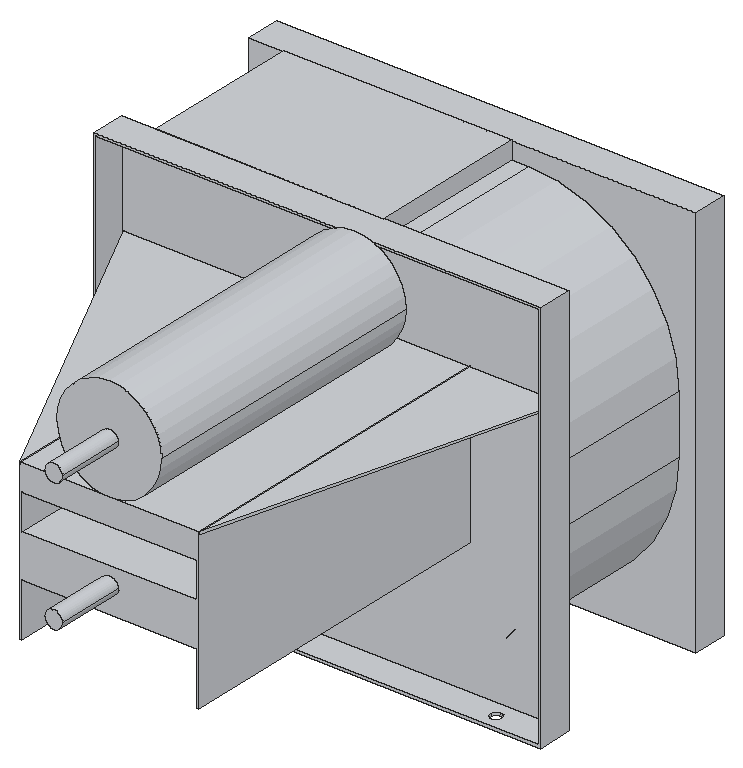
Revit family "CA-4_SWSI_ARR_2_CW_UBD", category Mechanical Equipment, Revit 2019
Family settings
  Round Connector Dimension = Use Radius
  Part Type = Normal
  Work Plane-Based = No
  Always vertical = Yes
  Cut with Voids When Loaded = No
  Shared = No
  Room Calculation Point = No
Parameters (values of type "120_CA-4_SWSI_ARR_2_CW_UBD_CLASS_1")
  S = 7 1/2"
  R = 11 7/16"
  P = 5 23/32"
  O/2 = O / 2  # 11/32"
  O = 11/16"
  N/2 = N / 2  # 1/2"
  N = 1"
  ModelID [instance] = ""
  MOTOR_RAD = N * 3  # 3"
  M = 18 7/8"
  L = 3"
  K = 15 7/8"
  J = 2"
  INLET_RAD/2 = INLET_RAD / 2  # 4 1/16"
  INLET_RAD+1.5" = INLET_RAD + 1 1/2"  # 9 5/8"
  INLET_RAD = INLET_DIA / 2  # 8 1/8"
  INLET_DIA = 16 1/4"
  H = 10 3/8"
  EEE = E  # 10 3/4"
  G/5 = F / 5  # 5.15"
  F = 25 3/4"
  G = 22 3/4"
  Unit Weight [instance] = ""
  Sones [instance] = ""
  Motor RPM [instance] = ""
  Motor Enclosure [instance] = ""
  LwA [instance] = ""
  Fan RPM [instance] = ""
  E = 10 3/4"
  E-(INLET_RAD+1.5") = 3/4"
  E+(INLET_RAD+1.5") = 20"
  G-H = G - H  # 12 3/8"
  D-((D-B)/2) = D - ((D - B) / 2)  # 11 3/16"
  D = 13 3/16"
  B = 9 3/16"
  Accessories [instance] = ""
  ARR_2_L-ARR_2_K = ARR_2_L - ARR_2_K  # 17 5/8"
  ARR_2_L = 21 5/8"
  ARR_2_K = 4"
  A = 13 1/8"
  3" = 3"  # constant formula
  Brake Hp [instance] = ""
  4" = 4"  # constant formula
  2N = N + N  # 2"
  2' = 24"
  2" = 2"  # constant formula
  1" = 1"  # constant formula
  0 = 0"  # constant formula
  Voltage [instance] = 0 V
  URL = "www.lorencook.com"
  Type Comments = "Airfoil Centrifugal Blower Arrangement 2 Clockwise Up Blast Discharge"  # constant formula
  Static Pressure [instance] = 0.00 in-wg
  Power [instance] = Voltage * Motor FLA * sqrt(if(Phase = 3, 3, 1))  # 0 VA
  Phase [instance] = 0
  Number of Poles [instance] = 1
  Motor Hp [instance] = "0"
  Motor FLA [instance] = 0 A
  Model = "CA-4 SWSI ARR 2 CW UBD CLASS 1"
  Manufacturer = "Loren Cook Company"
  CFM [instance] = 0 CFM
  1.5 = 1 1/2"  # constant formula
  ONE EIGTH = 1/8"  # constant formula
  -(ARR_2_L - ARR_2_K) = -(ARR_2_L - ARR_2_K)  # -17 5/8"
  -(((K-B)/2)-.125") = -(((K - B) / 2) - 1/8")  # -3 7/32"
  -(((D - B) / 2) - 1/8") = -(((D - B) / 2) - 1/8")  # -1 7/8"
  (R-B)/2 = (R - B) / 2  # 1 1/8"
  ((K-B)/2)+B = ((K - B) / 2) + B  # 12 17/32"
  (D-B)/2 = (D - B) / 2  # 2"
  -(((K-B)/2)+L) = -(((K - B) / 2) + L)  # -6 11/32"
  ((D-B)/2)-.125" = ((D - B) / 2) - 1/8"  # 1 7/8"
Types (55): name | S | R | P | O/2 | O | N/2 | N | MOTOR_RAD | M | L | K | J | INLET_RAD/2 | INLET_RAD+1.5" | INLET_RAD | INLET_DIA | H | EEE | G/5 | F | G | E | E-(INLET_RAD+1.5") | E+(INLET_RAD+1.5") | G-H | D-((D-B)/2) | D | B | ARR_2_L-ARR_2_K | ARR_2_L | ARR_2_K | A | 2N | Model | -(ARR_2_L - ARR_2_K) | -(((K-B)/2)-.125") | -(((D - B) / 2) - 1/8") | (R-B)/2 | ((K-B)/2)+B | (D-B)/2 | -(((K-B)/2)+L) | ((D-B)/2)-.125"
  (no name) | 7 1/2" | 11 7/16" | 5 23/32" | 11/32" | 11/16" | 1/2" | 1" | 3" | 18 7/8" | 3" | 15 7/8" | 2" | 4 1/16" | 9 5/8" | 8 1/8" | 16 1/4" | 10 3/8" | 10 3/4" | 5.15" | 25 3/4" | 22 3/4" | 10 3/4" | 3/4" | 20" | 12 3/8" | 11 3/16" | 13 3/16" | 9 3/16" | 17 5/8" | 21 5/8" | 4" | 13 1/8" | 2" | "CA-4 SWSI ARR 2 CW UBD CLASS 1" | -17 5/8" | -3 7/32" | -1 7/8" | 1 1/8" | 12 17/32" | 2" | -6 11/32" | 1 7/8"
  120_CA-4_SWSI_ARR_2_CW_UBD_CLASS_1 | 7 1/2" | 11 7/16" | 5 23/32" | 11/32" | 11/16" | 1/2" | 1" | 3" | 18 7/8" | 3" | 15 7/8" | 2" | 4 1/16" | 9 5/8" | 8 1/8" | 16 1/4" | 10 3/8" | 10 3/4" | 5.15" | 25 3/4" | 22 3/4" | 10 3/4" | 3/4" | 20" | 12 3/8" | 11 3/16" | 13 3/16" | 9 3/16" | 17 5/8" | 21 5/8" | 4" | 13 1/8" | 2" | "CA-4 SWSI ARR 2 CW UBD CLASS 1" | -17 5/8" | -3 7/32" | -1 7/8" | 1 1/8" | 12 17/32" | 2" | -6 11/32" | 1 7/8"
  120_CA-4_SWSI_ARR_2_CW_UBD_CLASS_2 | 7 1/2" | 11 7/16" | 5 23/32" | 11/32" | 11/16" | 1/2" | 1" | 3" | 18 7/8" | 3" | 15 7/8" | 2" | 4 1/16" | 9 5/8" | 8 1/8" | 16 1/4" | 10 3/8" | 10 3/4" | 5.15" | 25 3/4" | 22 3/4" | 10 3/4" | 3/4" | 20" | 12 3/8" | 11 3/16" | 13 3/16" | 9 3/16" | 17 5/8" | 21 5/8" | 4" | 13 1/8" | 2" | "CA-4 SWSI ARR 2 CW UBD CLASS 2" | -17 5/8" | -3 7/32" | -1 7/8" | 1 1/8" | 12 17/32" | 2" | -6 11/32" | 1 7/8"
  120_CA-4_SWSI_ARR_2_CW_UBD_CLASS_3 | 7 1/2" | 11 7/16" | 5 23/32" | 11/32" | 11/16" | 19/32" | 1 3/16" | 3 9/16" | 18 7/8" | 3" | 15 7/8" | 2" | 4 1/16" | 9 5/8" | 8 1/8" | 16 1/4" | 10 3/8" | 10 3/4" | 5.15" | 25 3/4" | 22 3/4" | 10 3/4" | 3/4" | 20" | 12 3/8" | 11 3/16" | 13 3/16" | 9 3/16" | 17 5/8" | 21 5/8" | 4" | 13 1/8" | 2 3/8" | "CA-4 SWSI ARR 2 CW UBD CLASS 3" | -17 5/8" | -3 7/32" | -1 7/8" | 1 1/8" | 12 17/32" | 2" | -6 11/32" | 1 7/8"
  135_CA-4_SWSI_ARR_2_CW_UBD_CLASS_1 | 8 1/2" | 12 9/16" | 6 9/32" | 11/32" | 11/16" | 1/2" | 1" | 3" | 20" | 3" | 17" | 2" | 4 7/16" | 10 3/8" | 8 7/8" | 17 3/4" | 11 5/8" | 12" | 5 3/4" | 28 3/4" | 25 1/2" | 12" | 1 1/4" | 22" | 13 7/8" | 12 5/16" | 14 5/16" | 10 5/16" | 17 5/8" | 21 5/8" | 4" | 14 3/4" | 2" | "CA-4 SWSI ARR 2 CW UBD CLASS 1" | -17 5/8" | -3 7/32" | -1 7/8" | 1 1/8" | 13 21/32" | 2" | -6 11/32" | 1 7/8"
  135_CA-4_SWSI_ARR_2_CW_UBD_CLASS_2 | 8 1/2" | 12 9/16" | 6 9/32" | 11/32" | 11/16" | 1/2" | 1" | 3" | 20" | 3" | 17" | 2" | 4 7/16" | 10 3/8" | 8 7/8" | 17 3/4" | 11 5/8" | 12" | 5 3/4" | 28 3/4" | 25 1/2" | 12" | 1 1/4" | 22" | 13 7/8" | 12 5/16" | 14 5/16" | 10 5/16" | 17 5/8" | 21 5/8" | 4" | 14 3/4" | 2" | "CA-4 SWSI ARR 2 CW UBD CLASS 2" | -17 5/8" | -3 7/32" | -1 7/8" | 1 1/8" | 13 21/32" | 2" | -6 11/32" | 1 7/8"
  135_CA-4_SWSI_ARR_2_CW_UBD_CLASS_3 | 8 1/2" | 12 9/16" | 6 9/32" | 11/32" | 11/16" | 19/32" | 1 3/16" | 3 9/16" | 20" | 3" | 17" | 2" | 4 7/16" | 10 3/8" | 8 7/8" | 17 3/4" | 11 5/8" | 12" | 5 3/4" | 28 3/4" | 25 1/2" | 12" | 1 1/4" | 22" | 13 7/8" | 12 5/16" | 14 5/16" | 10 5/16" | 17 5/8" | 21 5/8" | 4" | 14 3/4" | 2 3/8" | "CA-4 SWSI ARR 2 CW UBD CLASS 3" | -17 5/8" | -3 7/32" | -1 7/8" | 1 1/8" | 13 21/32" | 2" | -6 11/32" | 1 7/8"
  150_CA-4_SWSI_ARR_2_CW_UBD_CLASS_1 | 9" | 13 11/16" | 6 27/32" | 11/32" | 11/16" | 1/2" | 1" | 3" | 21 1/8" | 3" | 18 1/8" | 2" | 4 13/16" | 11 1/8" | 9 5/8" | 19 1/4" | 12 7/8" | 13 1/4" | 6.325" | 31 5/8" | 28 1/8" | 13 1/4" | 1 3/4" | 24" | 15 1/4" | 13 7/16" | 15 7/16" | 11 7/16" | 17 5/8" | 21 5/8" | 4" | 16 7/16" | 2" | "CA-4 SWSI ARR 2 CW UBD CLASS 1" | -17 5/8" | -3 7/32" | -1 7/8" | 1 1/8" | 14 25/32" | 2" | -6 11/32" | 1 7/8"
  150_CA-4_SWSI_ARR_2_CW_UBD_CLASS_2 | 9" | 13 11/16" | 6 27/32" | 11/32" | 11/16" | 19/32" | 1 3/16" | 3 9/16" | 21 1/8" | 3" | 18 1/8" | 2" | 4 13/16" | 11 1/8" | 9 5/8" | 19 1/4" | 12 7/8" | 13 1/4" | 6.325" | 31 5/8" | 28 1/8" | 13 1/4" | 1 3/4" | 24" | 15 1/4" | 13 7/16" | 15 7/16" | 11 7/16" | 17 5/8" | 21 5/8" | 4" | 16 7/16" | 2 3/8" | "CA-4 SWSI ARR 2 CW UBD CLASS 2" | -17 5/8" | -3 7/32" | -1 7/8" | 1 1/8" | 14 25/32" | 2" | -6 11/32" | 1 7/8"
  150_CA-4_SWSI_ARR_2_CW_UBD_CLASS_3 | 9" | 13 11/16" | 6 27/32" | 11/32" | 11/16" | 23/32" | 1 7/16" | 4 5/16" | 21 1/8" | 3" | 18 1/8" | 2" | 4 13/16" | 11 1/8" | 9 5/8" | 19 1/4" | 12 7/8" | 13 1/4" | 6.325" | 31 5/8" | 28 1/8" | 13 1/4" | 1 3/4" | 24" | 15 1/4" | 13 7/16" | 15 7/16" | 11 7/16" | 17 5/8" | 21 5/8" | 4" | 16 7/16" | 2 7/8" | "CA-4 SWSI ARR 2 CW UBD CLASS 3" | -17 5/8" | -3 7/32" | -1 7/8" | 1 1/8" | 14 25/32" | 2" | -6 11/32" | 1 7/8"
  165_CA-4_SWSI_ARR_2_CW_UBD_CLASS_1 | 10" | 14 7/8" | 7 7/16" | 11/32" | 11/16" | 1/2" | 1" | 3" | 23 15/16" | 4" | 19 5/16" | 2" | 5 5/16" | 12 1/8" | 10 5/8" | 21 1/4" | 14 1/4" | 14 3/8" | 6 7/8" | 34 3/8" | 30 7/8" | 14 3/8" | 2 1/8" | 26 3/8" | 16 5/8" | 14 5/8" | 16 5/8" | 12 5/8" | 17 5/8" | 21 5/8" | 4" | 18 1/16" | 2" | "CA-4 SWSI ARR 2 CW UBD CLASS 1" | -17 5/8" | -3 7/32" | -1 7/8" | 1 1/8" | 15 31/32" | 2" | -7 11/32" | 1 7/8"
  165_CA-4_SWSI_ARR_2_CW_UBD_CLASS_2 | 10" | 14 7/8" | 7 7/16" | 11/32" | 11/16" | 19/32" | 1 3/16" | 3 9/16" | 23 15/16" | 4" | 19 5/16" | 2" | 5 5/16" | 12 1/8" | 10 5/8" | 21 1/4" | 14 1/4" | 14 3/8" | 6 7/8" | 34 3/8" | 30 7/8" | 14 3/8" | 2 1/8" | 26 3/8" | 16 5/8" | 14 5/8" | 16 5/8" | 12 5/8" | 17 5/8" | 21 5/8" | 4" | 18 1/16" | 2 3/8" | "CA-4 SWSI ARR 2 CW UBD CLASS 2" | -17 5/8" | -3 7/32" | -1 7/8" | 1 1/8" | 15 31/32" | 2" | -7 11/32" | 1 7/8"
  165_CA-4_SWSI_ARR_2_CW_UBD_CLASS_3 | 10" | 14 7/8" | 7 7/16" | 11/32" | 11/16" | 23/32" | 1 7/16" | 4 5/16" | 23 15/16" | 4" | 19 5/16" | 2" | 5 5/16" | 12 1/8" | 10 5/8" | 21 1/4" | 14 1/4" | 14 3/8" | 6 7/8" | 34 3/8" | 30 7/8" | 14 3/8" | 2 1/8" | 26 3/8" | 16 5/8" | 14 5/8" | 16 5/8" | 12 5/8" | 17 5/8" | 21 5/8" | 4" | 18 1/16" | 2 7/8" | "CA-4 SWSI ARR 2 CW UBD CLASS 3" | -17 5/8" | -3 7/32" | -1 7/8" | 1 1/8" | 15 31/32" | 2" | -7 11/32" | 1 7/8"
  180_CA-4_SWSI_ARR_2_CW_UBD_CLASS_1 | 11" | 16" | 8" | 11/32" | 11/16" | 19/32" | 1 3/16" | 3 9/16" | 24 15/16" | 4 1/2" | 20 7/16" | 2" | 5 11/16" | 12 7/8" | 11 3/8" | 22 3/4" | 15 1/2" | 15 5/8" | 7.425" | 37 1/8" | 33 5/8" | 15 5/8" | 2 5/8" | 28 3/8" | 18 1/8" | 15 3/4" | 17 3/4" | 13 3/4" | 20 1/8" | 24 3/8" | 4 1/4" | 19 11/16" | 2 3/8" | "CA-4 SWSI ARR 2 CW UBD CLASS 1" | -20 1/8" | -3 7/32" | -1 7/8" | 1 1/8" | 17 3/32" | 2" | -7 27/32" | 1 7/8"
  180_CA-4_SWSI_ARR_2_CW_UBD_CLASS_2 | 11" | 16" | 8" | 11/32" | 11/16" | 23/32" | 1 7/16" | 4 5/16" | 24 15/16" | 4 1/2" | 20 7/16" | 2" | 5 11/16" | 12 7/8" | 11 3/8" | 22 3/4" | 15 1/2" | 15 5/8" | 7.425" | 37 1/8" | 33 5/8" | 15 5/8" | 2 5/8" | 28 3/8" | 18 1/8" | 15 3/4" | 17 3/4" | 13 3/4" | 20 1/8" | 24 3/8" | 4 1/4" | 19 11/16" | 2 7/8" | "CA-4 SWSI ARR 2 CW UBD CLASS 2" | -20 1/8" | -3 7/32" | -1 7/8" | 1 1/8" | 17 3/32" | 2" | -7 27/32" | 1 7/8"
  180_CA-4_SWSI_ARR_2_CW_UBD_CLASS_3 | 11" | 16" | 8" | 11/32" | 11/16" | 27/32" | 1 11/16" | 5 1/16" | 24 15/16" | 4 1/2" | 20 7/16" | 2" | 5 11/16" | 12 7/8" | 11 3/8" | 22 3/4" | 15 1/2" | 15 5/8" | 7.425" | 37 1/8" | 33 5/8" | 15 5/8" | 2 5/8" | 28 3/8" | 18 1/8" | 15 3/4" | 17 3/4" | 13 3/4" | 20 1/8" | 24 3/8" | 4 1/4" | 19 11/16" | 3 3/8" | "CA-4 SWSI ARR 2 CW UBD CLASS 3" | -20 1/8" | -3 7/32" | -1 7/8" | 1 1/8" | 17 3/32" | 2" | -7 27/32" | 1 7/8"
  195_CA-4_SWSI_ARR_2_CW_UBD_CLASS_1 | 11 1/2" | 17 3/16" | 8 19/32" | 11/32" | 11/16" | 23/32" | 1 7/16" | 4 5/16" | 27 3/16" | 4 1/2" | 22 11/16" | 2" | 6 1/16" | 13 5/8" | 12 1/8" | 24 1/4" | 16 3/4" | 16 3/4" | 8" | 40" | 36 1/4" | 16 3/4" | 3 1/8" | 30 3/8" | 19 1/2" | 16 15/16" | 18 15/16" | 14 15/16" | 20 1/8" | 24 3/8" | 4 1/4" | 21 5/16" | 2 7/8" | "CA-4 SWSI ARR 2 CW UBD CLASS 1" | -20 1/8" | -3 3/4" | -1 7/8" | 1 1/8" | 18 13/16" | 2" | -8 3/8" | 1 7/8"
  195_CA-4_SWSI_ARR_2_CW_UBD_CLASS_2 | 11 1/2" | 17 3/16" | 8 19/32" | 11/32" | 11/16" | 23/32" | 1 7/16" | 4 5/16" | 27 3/16" | 4 1/2" | 22 11/16" | 2" | 6 1/16" | 13 5/8" | 12 1/8" | 24 1/4" | 16 3/4" | 16 3/4" | 8" | 40" | 36 1/4" | 16 3/4" | 3 1/8" | 30 3/8" | 19 1/2" | 16 15/16" | 18 15/16" | 14 15/16" | 20 1/8" | 24 3/8" | 4 1/4" | 21 5/16" | 2 7/8" | "CA-4 SWSI ARR 2 CW UBD CLASS 2" | -20 1/8" | -3 3/4" | -1 7/8" | 1 1/8" | 18 13/16" | 2" | -8 3/8" | 1 7/8"
  195_CA-4_SWSI_ARR_2_CW_UBD_CLASS_3 | 11 1/2" | 17 3/16" | 8 19/32" | 11/32" | 11/16" | 27/32" | 1 11/16" | 5 1/16" | 27 3/16" | 4 1/2" | 22 11/16" | 2" | 6 1/16" | 13 5/8" | 12 1/8" | 24 1/4" | 16 3/4" | 16 3/4" | 8" | 40" | 36 1/4" | 16 3/4" | 3 1/8" | 30 3/8" | 19 1/2" | 16 15/16" | 18 15/16" | 14 15/16" | 20 1/8" | 24 3/8" | 4 1/4" | 21 5/16" | 3 3/8" | "CA-4 SWSI ARR 2 CW UBD CLASS 3" | -20 1/8" | -3 3/4" | -1 7/8" | 1 1/8" | 18 13/16" | 2" | -8 3/8" | 1 7/8"
  210_CA-4_SWSI_ARR_2_CW_UBD_CLASS_1 | 12" | 18 5/16" | 9 5/32" | 13/32" | 13/16" | 23/32" | 1 7/16" | 4 5/16" | 28 13/16" | 5" | 23 13/16" | 2" | 6 1/2" | 14 1/2" | 13" | 26" | 18 1/8" | 18" | 8.575" | 42 7/8" | 39 1/8" | 18" | 3 5/8" | 32 5/8" | 21" | 18 1/16" | 20 1/16" | 16 1/16" | 23 1/8" | 27 3/8" | 4 1/4" | 23" | 2 7/8" | "CA-4 SWSI ARR 2 CW UBD CLASS 1" | -23 1/8" | -3 3/4" | -1 7/8" | 1 1/8" | 19 15/16" | 2" | -8 7/8" | 1 7/8"
  210_CA-4_SWSI_ARR_2_CW_UBD_CLASS_2 | 12" | 18 5/16" | 9 5/32" | 13/32" | 13/16" | 23/32" | 1 7/16" | 4 5/16" | 28 13/16" | 5" | 23 13/16" | 2" | 6 1/2" | 14 1/2" | 13" | 26" | 18 1/8" | 18" | 8.575" | 42 7/8" | 39 1/8" | 18" | 3 5/8" | 32 5/8" | 21" | 18 1/16" | 20 1/16" | 16 1/16" | 23 1/8" | 27 3/8" | 4 1/4" | 23" | 2 7/8" | "CA-4 SWSI ARR 2 CW UBD CLASS 2" | -23 1/8" | -3 3/4" | -1 7/8" | 1 1/8" | 19 15/16" | 2" | -8 7/8" | 1 7/8"
  210_CA-4_SWSI_ARR_2_CW_UBD_CLASS_3 | 12" | 18 5/16" | 9 5/32" | 13/32" | 13/16" | 27/32" | 1 11/16" | 5 1/16" | 28 13/16" | 5" | 23 13/16" | 2" | 6 1/2" | 14 1/2" | 13" | 26" | 18 1/8" | 18" | 8.575" | 42 7/8" | 39 1/8" | 18" | 3 5/8" | 32 5/8" | 21" | 18 1/16" | 20 1/16" | 16 1/16" | 23 1/8" | 27 3/8" | 4 1/4" | 23" | 3 3/8" | "CA-4 SWSI ARR 2 CW UBD CLASS 3" | -23 1/8" | -3 3/4" | -1 7/8" | 1 1/8" | 19 15/16" | 2" | -8 7/8" | 1 7/8"
  225_CA-4_SWSI_ARR_2_CW_UBD_CLASS_1 | 12 1/2" | 19 7/16" | 9 23/32" | 13/32" | 13/16" | 23/32" | 1 7/16" | 4 5/16" | 29 15/16" | 5" | 24 15/16" | 2" | 6 7/8" | 15 1/4" | 13 3/4" | 27 1/2" | 19 3/8" | 19 1/4" | 9.15" | 45 3/4" | 41 3/4" | 19 1/4" | 4 1/8" | 34 5/8" | 22 3/8" | 19 3/16" | 21 3/16" | 17 3/16" | 23 1/8" | 27 3/8" | 4 1/4" | 24 5/8" | 2 7/8" | "CA-4 SWSI ARR 2 CW UBD CLASS 1" | -23 1/8" | -3 3/4" | -1 7/8" | 1 1/8" | 21 1/16" | 2" | -8 7/8" | 1 7/8"
  225_CA-4_SWSI_ARR_2_CW_UBD_CLASS_2 | 12 1/2" | 19 7/16" | 9 23/32" | 13/32" | 13/16" | 23/32" | 1 7/16" | 4 5/16" | 29 15/16" | 5" | 24 15/16" | 2" | 6 7/8" | 15 1/4" | 13 3/4" | 27 1/2" | 19 3/8" | 19 1/4" | 9.15" | 45 3/4" | 41 3/4" | 19 1/4" | 4 1/8" | 34 5/8" | 22 3/8" | 19 3/16" | 21 3/16" | 17 3/16" | 23 1/8" | 27 3/8" | 4 1/4" | 24 5/8" | 2 7/8" | "CA-4 SWSI ARR 2 CW UBD CLASS 2" | -23 1/8" | -3 3/4" | -1 7/8" | 1 1/8" | 21 1/16" | 2" | -8 7/8" | 1 7/8"
  225_CA-4_SWSI_ARR_2_CW_UBD_CLASS_3 | 12 1/2" | 19 7/16" | 9 23/32" | 13/32" | 13/16" | 27/32" | 1 11/16" | 5 1/16" | 29 15/16" | 5" | 24 15/16" | 2" | 6 7/8" | 15 1/4" | 13 3/4" | 27 1/2" | 19 3/8" | 19 1/4" | 9.15" | 45 3/4" | 41 3/4" | 19 1/4" | 4 1/8" | 34 5/8" | 22 3/8" | 19 3/16" | 21 3/16" | 17 3/16" | 23 1/8" | 27 3/8" | 4 1/4" | 24 5/8" | 3 3/8" | "CA-4 SWSI ARR 2 CW UBD CLASS 3" | -23 1/8" | -3 3/4" | -1 7/8" | 1 1/8" | 21 1/16" | 2" | -8 7/8" | 1 7/8"
  245_CA-4_SWSI_ARR_2_CW_UBD_CLASS_1 | 13 1/2" | 21" | 10 1/2" | 13/32" | 13/16" | 23/32" | 1 7/16" | 4 5/16" | 32" | 5 1/2" | 26 1/2" | 2" | 7 3/8" | 16 1/4" | 14 3/4" | 29 1/2" | 21 1/8" | 20 7/8" | 9.9" | 49 1/2" | 45 3/8" | 20 7/8" | 4 7/8" | 37 3/8" | 24 1/4" | 20 3/4" | 22 3/4" | 18 3/4" | 22 9/16" | 27 13/16" | 5 1/4" | 26 13/16" | 2 7/8" | "CA-4 SWSI ARR 2 CW UBD CLASS 1" | -22 9/16" | -3 3/4" | -1 7/8" | 1 1/8" | 22 5/8" | 2" | -9 3/8" | 1 7/8"
  245_CA-4_SWSI_ARR_2_CW_UBD_CLASS_2 | 13 1/2" | 21" | 10 1/2" | 13/32" | 13/16" | 27/32" | 1 11/16" | 5 1/16" | 32" | 5 1/2" | 26 1/2" | 2" | 7 3/8" | 16 1/4" | 14 3/4" | 29 1/2" | 21 1/8" | 20 7/8" | 9.9" | 49 1/2" | 45 3/8" | 20 7/8" | 4 7/8" | 37 3/8" | 24 1/4" | 20 3/4" | 22 3/4" | 18 3/4" | 22 9/16" | 27 13/16" | 5 1/4" | 26 13/16" | 3 3/8" | "CA-4 SWSI ARR 2 CW UBD CLASS 2" | -22 9/16" | -3 3/4" | -1 7/8" | 1 1/8" | 22 5/8" | 2" | -9 3/8" | 1 7/8"
  245_CA-4_SWSI_ARR_2_CW_UBD_CLASS_3 | 13 1/2" | 21" | 10 1/2" | 13/32" | 13/16" | 31/32" | 1 15/16" | 5 13/16" | 32" | 5 1/2" | 26 1/2" | 2" | 7 3/8" | 16 1/4" | 14 3/4" | 29 1/2" | 21 1/8" | 20 7/8" | 9.9" | 49 1/2" | 45 3/8" | 20 7/8" | 4 7/8" | 37 3/8" | 24 1/4" | 20 3/4" | 22 3/4" | 18 3/4" | 22 9/16" | 27 13/16" | 5 1/4" | 26 13/16" | 3 7/8" | "CA-4 SWSI ARR 2 CW UBD CLASS 3" | -22 9/16" | -3 3/4" | -1 7/8" | 1 1/8" | 22 5/8" | 2" | -9 3/8" | 1 7/8"
  270_CA-4_SWSI_ARR_2_CW_UBD_CLASS_1 | 15" | 22 7/8" | 11 7/16" | 13/32" | 13/16" | 23/32" | 1 7/16" | 4 5/16" | 34 3/8" | 6" | 28 3/8" | 2" | 8" | 17 1/2" | 16" | 32" | 23 1/4" | 23 3/8" | 10.95" | 54 3/4" | 49 7/8" | 23 3/8" | 5 3/4" | 40 3/4" | 26 5/8" | 22 5/8" | 24 5/8" | 20 5/8" | 22 9/16" | 27 13/16" | 5 1/4" | 29 9/16" | 2 7/8" | "CA-4 SWSI ARR 2 CW UBD CLASS 1" | -22 9/16" | -3 3/4" | -1 7/8" | 1 1/8" | 24 1/2" | 2" | -9 7/8" | 1 7/8"
  270_CA-4_SWSI_ARR_2_CW_UBD_CLASS_2 | 15" | 22 7/8" | 11 7/16" | 13/32" | 13/16" | 27/32" | 1 11/16" | 5 1/16" | 34 3/8" | 6" | 28 3/8" | 2" | 8" | 17 1/2" | 16" | 32" | 23 1/4" | 23 3/8" | 10.95" | 54 3/4" | 49 7/8" | 23 3/8" | 5 3/4" | 40 3/4" | 26 5/8" | 22 5/8" | 24 5/8" | 20 5/8" | 22 9/16" | 27 13/16" | 5 1/4" | 29 9/16" | 3 3/8" | "CA-4 SWSI ARR 2 CW UBD CLASS 2" | -22 9/16" | -3 3/4" | -1 7/8" | 1 1/8" | 24 1/2" | 2" | -9 7/8" | 1 7/8"
  270_CA-4_SWSI_ARR_2_CW_UBD_CLASS_3 | 15" | 22 7/8" | 11 7/16" | 13/32" | 13/16" | 31/32" | 1 15/16" | 5 13/16" | 34 3/8" | 6" | 28 3/8" | 2" | 8" | 17 1/2" | 16" | 32" | 23 1/4" | 23 3/8" | 10.95" | 54 3/4" | 49 7/8" | 23 3/8" | 5 3/4" | 40 3/4" | 26 5/8" | 22 5/8" | 24 5/8" | 20 5/8" | 22 9/16" | 27 13/16" | 5 1/4" | 29 9/16" | 3 7/8" | "CA-4 SWSI ARR 2 CW UBD CLASS 3" | -22 9/16" | -3 3/4" | -1 7/8" | 1 1/8" | 24 1/2" | 2" | -9 7/8" | 1 7/8"
  300_CA-4_SWSI_ARR_2_CW_UBD_CLASS_1 | 16 1/2" | 25 3/16" | 12 19/32" | 13/32" | 13/16" | 27/32" | 1 11/16" | 5 1/16" | 37 3/16" | 6 1/2" | 30 11/16" | 2" | 8 3/4" | 19" | 17 1/2" | 35" | 25 7/8" | 25 3/8" | 12" | 60" | 55 3/8" | 25 3/8" | 6 7/8" | 44 7/8" | 29 1/2" | 24 15/16" | 26 15/16" | 22 15/16" | 24 7/8" | 30 3/4" | 5 7/8" | 32 13/16" | 3 3/8" | "CA-4 SWSI ARR 2 CW UBD CLASS 1" | -24 7/8" | -3 3/4" | -1 7/8" | 1 1/8" | 26 13/16" | 2" | -10 3/8" | 1 7/8"
  300_CA-4_SWSI_ARR_2_CW_UBD_CLASS_2 | 16 1/2" | 25 3/16" | 12 19/32" | 13/32" | 13/16" | 31/32" | 1 15/16" | 5 13/16" | 37 3/16" | 6 1/2" | 30 11/16" | 2" | 8 3/4" | 19" | 17 1/2" | 35" | 25 7/8" | 25 3/8" | 12" | 60" | 55 3/8" | 25 3/8" | 6 7/8" | 44 7/8" | 29 1/2" | 24 15/16" | 26 15/16" | 22 15/16" | 24 7/8" | 30 3/4" | 5 7/8" | 32 13/16" | 3 7/8" | "CA-4 SWSI ARR 2 CW UBD CLASS 2" | -24 7/8" | -3 3/4" | -1 7/8" | 1 1/8" | 26 13/16" | 2" | -10 3/8" | 1 7/8"
  300_CA-4_SWSI_ARR_2_CW_UBD_CLASS_3 | 16 1/2" | 25 3/16" | 12 19/32" | 13/32" | 13/16" | 1 3/32" | 2 3/16" | 6 9/16" | 37 3/16" | 6 1/2" | 30 11/16" | 2" | 8 3/4" | 19" | 17 1/2" | 35" | 25 7/8" | 25 3/8" | 12" | 60" | 55 3/8" | 25 3/8" | 6 7/8" | 44 7/8" | 29 1/2" | 24 15/16" | 26 15/16" | 22 15/16" | 24 7/8" | 30 3/4" | 5 7/8" | 32 13/16" | 4 3/8" | "CA-4 SWSI ARR 2 CW UBD CLASS 3" | -24 7/8" | -3 3/4" | -1 7/8" | 1 1/8" | 26 13/16" | 2" | -10 3/8" | 1 7/8"
  330_CA-4_SWSI_ARR_2_CW_UBD_CLASS_1 | 18" | 27 1/2" | 13 3/4" | 13/32" | 13/16" | 27/32" | 1 11/16" | 5 1/16" | 40" | 7" | 33" | 2" | 9 1/2" | 20 1/2" | 19" | 38" | 28 3/8" | 27 7/8" | 13.15" | 65 3/4" | 60 3/4" | 27 7/8" | 7 7/8" | 48 7/8" | 32 3/8" | 27 1/4" | 29 1/4" | 25 1/4" | 24 7/8" | 30 3/4" | 5 7/8" | 36 1/8" | 3 3/8" | "CA-4 SWSI ARR 2 CW UBD CLASS 1" | -24 7/8" | -3 3/4" | -1 7/8" | 1 1/8" | 29 1/8" | 2" | -10 7/8" | 1 7/8"
  330_CA-4_SWSI_ARR_2_CW_UBD_CLASS_2 | 18" | 27 1/2" | 13 3/4" | 13/32" | 13/16" | 1 3/32" | 2 3/16" | 6 9/16" | 40" | 7" | 33" | 2" | 9 1/2" | 20 1/2" | 19" | 38" | 28 3/8" | 27 7/8" | 13.15" | 65 3/4" | 60 3/4" | 27 7/8" | 7 7/8" | 48 7/8" | 32 3/8" | 27 1/4" | 29 1/4" | 25 1/4" | 24 7/8" | 30 3/4" | 5 7/8" | 36 1/8" | 4 3/8" | "CA-4 SWSI ARR 2 CW UBD CLASS 2" | -24 7/8" | -3 3/4" | -1 7/8" | 1 1/8" | 29 1/8" | 2" | -10 7/8" | 1 7/8"
  330_CA-4_SWSI_ARR_2_CW_UBD_CLASS_3 | 18" | 27 1/2" | 13 3/4" | 13/32" | 13/16" | 1 3/32" | 2 3/16" | 6 9/16" | 40" | 7" | 33" | 2" | 9 1/2" | 20 1/2" | 19" | 38" | 28 3/8" | 27 7/8" | 13.15" | 65 3/4" | 60 3/4" | 27 7/8" | 7 7/8" | 48 7/8" | 32 3/8" | 27 1/4" | 29 1/4" | 25 1/4" | 24 7/8" | 30 3/4" | 5 7/8" | 36 1/8" | 4 3/8" | "CA-4 SWSI ARR 2 CW UBD CLASS 3" | -24 7/8" | -3 3/4" | -1 7/8" | 1 1/8" | 29 1/8" | 2" | -10 7/8" | 1 7/8"
  365_CA-4_SWSI_ARR_2_CW_UBD_CLASS_1 | 20" | 30 1/8" | 15 1/16" | 13/32" | 13/16" | 31/32" | 1 15/16" | 5 13/16" | 43 1/8" | 7 1/2" | 35 5/8" | 2" | 10 3/8" | 22 1/4" | 20 3/4" | 41 1/2" | 31 3/8" | 30 5/8" | 14.475" | 72 3/8" | 67" | 30 5/8" | 9 1/8" | 53 5/8" | 35 5/8" | 29 7/8" | 31 7/8" | 27 7/8" | 27 1/8" | 33" | 5 7/8" | 39 15/16" | 3 7/8" | "CA-4 SWSI ARR 2 CW UBD CLASS 1" | -27 1/8" | -3 3/4" | -1 7/8" | 1 1/8" | 31 3/4" | 2" | -11 3/8" | 1 7/8"
  365_CA-4_SWSI_ARR_2_CW_UBD_CLASS_2 | 20" | 30 1/8" | 15 1/16" | 13/32" | 13/16" | 1 7/32" | 2 7/16" | 7 5/16" | 43 1/8" | 7 1/2" | 35 5/8" | 2" | 10 3/8" | 22 1/4" | 20 3/4" | 41 1/2" | 31 3/8" | 30 5/8" | 14.475" | 72 3/8" | 67" | 30 5/8" | 9 1/8" | 53 5/8" | 35 5/8" | 29 7/8" | 31 7/8" | 27 7/8" | 27 1/8" | 33" | 5 7/8" | 39 15/16" | 4 7/8" | "CA-4 SWSI ARR 2 CW UBD CLASS 2" | -27 1/8" | -3 3/4" | -1 7/8" | 1 1/8" | 31 3/4" | 2" | -11 3/8" | 1 7/8"
  365_CA-4_SWSI_ARR_2_CW_UBD_CLASS_3 | 20" | 30 1/8" | 15 1/16" | 13/32" | 13/16" | 1 7/32" | 2 7/16" | 7 5/16" | 43 1/8" | 7 1/2" | 35 5/8" | 2" | 10 3/8" | 22 1/4" | 20 3/4" | 41 1/2" | 31 3/8" | 30 5/8" | 14.475" | 72 3/8" | 67" | 30 5/8" | 9 1/8" | 53 5/8" | 35 5/8" | 29 7/8" | 31 7/8" | 27 7/8" | 27 1/8" | 33" | 5 7/8" | 39 15/16" | 4 7/8" | "CA-4 SWSI ARR 2 CW UBD CLASS 3" | -27 1/8" | -3 3/4" | -1 7/8" | 1 1/8" | 31 3/4" | 2" | -11 3/8" | 1 7/8"
  402_CA-4_SWSI_ARR_2_CW_UBD_CLASS_1 | 22" | 34 1/4" | 17 1/8" | 17/32" | 1 1/16" | 31/32" | 1 15/16" | 5 13/16" | 46 5/8" | 8" | 38 5/8" | 3" | 11 5/16" | 24 1/8" | 22 5/8" | 45 1/4" | 34 5/8" | 33 5/8" | 16.075" | 80 3/8" | 73 7/8" | 33 5/8" | 10 1/2" | 58 3/4" | 39 1/4" | 33 3/4" | 36 3/4" | 30 3/4" | 25 7/16" | 31 5/16" | 5 7/8" | 44 1/16" | 3 7/8" | "CA-4 SWSI ARR 2 CW UBD CLASS 1" | -25 7/16" | -3 13/16" | -2 7/8" | 1 3/4" | 34 11/16" | 3" | -11 15/16" | 2 7/8"
  402_CA-4_SWSI_ARR_2_CW_UBD_CLASS_2 | 22" | 34 1/4" | 17 1/8" | 17/32" | 1 1/16" | 1 7/32" | 2 7/16" | 7 5/16" | 46 5/8" | 8" | 38 5/8" | 3" | 11 5/16" | 24 1/8" | 22 5/8" | 45 1/4" | 34 5/8" | 33 5/8" | 16.075" | 80 3/8" | 73 7/8" | 33 5/8" | 10 1/2" | 58 3/4" | 39 1/4" | 33 3/4" | 36 3/4" | 30 3/4" | 25 7/16" | 31 5/16" | 5 7/8" | 44 1/16" | 4 7/8" | "CA-4 SWSI ARR 2 CW UBD CLASS 2" | -25 7/16" | -3 13/16" | -2 7/8" | 1 3/4" | 34 11/16" | 3" | -11 15/16" | 2 7/8"
  402_CA-4_SWSI_ARR_2_CW_UBD_CLASS_3 | 22" | 34 1/4" | 17 1/8" | 17/32" | 1 1/16" | 1 11/32" | 2 11/16" | 8 1/16" | 46 5/8" | 8" | 38 5/8" | 3" | 11 5/16" | 24 1/8" | 22 5/8" | 45 1/4" | 34 5/8" | 33 5/8" | 16.075" | 80 3/8" | 73 7/8" | 33 5/8" | 10 1/2" | 58 3/4" | 39 1/4" | 33 3/4" | 36 3/4" | 30 3/4" | 25 7/16" | 31 5/16" | 5 7/8" | 44 1/16" | 5 3/8" | "CA-4 SWSI ARR 2 CW UBD CLASS 3" | -25 7/16" | -3 13/16" | -2 7/8" | 1 3/4" | 34 11/16" | 3" | -11 15/16" | 2 7/8"
  445_CA-4_SWSI_ARR_2_CW_UBD_CLASS_1 | 24" | 37 1/2" | 18 3/4" | 17/32" | 1 1/16" | 31/32" | 1 15/16" | 5 13/16" | 50 3/8" | 8 1/2" | 41 7/8" | 3" | 12 3/8" | 26 1/4" | 24 3/4" | 49 1/2" | 38 1/4" | 37 1/8" | 17.7" | 88 1/2" | 81 1/2" | 37 1/8" | 12" | 64 1/2" | 43 1/4" | 37" | 40" | 34" | 26 11/16" | 33 1/16" | 6 3/8" | 48 11/16" | 3 7/8" | "CA-4 SWSI ARR 2 CW UBD CLASS 1" | -26 11/16" | -3 13/16" | -2 7/8" | 1 3/4" | 37 15/16" | 3" | -12 7/16" | 2 7/8"
  445_CA-4_SWSI_ARR_2_CW_UBD_CLASS_2 | 24" | 37 1/2" | 18 3/4" | 17/32" | 1 1/16" | 1 11/32" | 2 11/16" | 8 1/16" | 50 3/8" | 8 1/2" | 41 7/8" | 3" | 12 3/8" | 26 1/4" | 24 3/4" | 49 1/2" | 38 1/4" | 37 1/8" | 17.7" | 88 1/2" | 81 1/2" | 37 1/8" | 12" | 64 1/2" | 43 1/4" | 37" | 40" | 34" | 26 11/16" | 33 1/16" | 6 3/8" | 48 11/16" | 5 3/8" | "CA-4 SWSI ARR 2 CW UBD CLASS 2" | -26 11/16" | -3 13/16" | -2 7/8" | 1 3/4" | 37 15/16" | 3" | -12 7/16" | 2 7/8"
  445_CA-4_SWSI_ARR_2_CW_UBD_CLASS_3 | 24" | 37 1/2" | 18 3/4" | 17/32" | 1 1/16" | 1 15/32" | 2 15/16" | 8 13/16" | 50 3/8" | 8 1/2" | 41 7/8" | 3" | 12 3/8" | 26 1/4" | 24 3/4" | 49 1/2" | 38 1/4" | 37 1/8" | 17.7" | 88 1/2" | 81 1/2" | 37 1/8" | 12" | 64 1/2" | 43 1/4" | 37" | 40" | 34" | 26 11/16" | 33 1/16" | 6 3/8" | 48 11/16" | 5 7/8" | "CA-4 SWSI ARR 2 CW UBD CLASS 3" | -26 11/16" | -3 13/16" | -2 7/8" | 1 3/4" | 37 15/16" | 3" | -12 7/16" | 2 7/8"
  490_CA-4_SWSI_ARR_2_CW_UBD_CLASS_1 | 26 1/2" | 40 15/16" | 20 15/32" | 17/32" | 1 1/16" | 1 3/32" | 2 3/16" | 6 9/16" | 55 5/16" | 9" | 46 5/16" | 3" | 13 3/4" | 29" | 27 1/2" | 55" | 42 1/4" | 40 3/4" | 19.4" | 97" | 89 3/4" | 40 3/4" | 13 1/4" | 71 1/4" | 47 1/2" | 40 7/16" | 43 7/16" | 37 7/16" | 26 11/16" | 33 1/16" | 6 3/8" | 53 5/8" | 4 3/8" | "CA-4 SWSI ARR 2 CW UBD CLASS 1" | -26 11/16" | -4 5/16" | -2 7/8" | 1 3/4" | 41 7/8" | 3" | -13 7/16" | 2 7/8"
  490_CA-4_SWSI_ARR_2_CW_UBD_CLASS_2 | 26 1/2" | 40 15/16" | 20 15/32" | 17/32" | 1 1/16" | 1 11/32" | 2 11/16" | 8 1/16" | 55 5/16" | 9" | 46 5/16" | 3" | 13 3/4" | 29" | 27 1/2" | 55" | 42 1/4" | 40 3/4" | 19.4" | 97" | 89 3/4" | 40 3/4" | 13 1/4" | 71 1/4" | 47 1/2" | 40 7/16" | 43 7/16" | 37 7/16" | 26 11/16" | 33 1/16" | 6 3/8" | 53 5/8" | 5 3/8" | "CA-4 SWSI ARR 2 CW UBD CLASS 2" | -26 11/16" | -4 5/16" | -2 7/8" | 1 3/4" | 41 7/8" | 3" | -13 7/16" | 2 7/8"
  490_CA-4_SWSI_ARR_2_CW_UBD_CLASS_3 | 26 1/2" | 40 15/16" | 20 15/32" | 17/32" | 1 1/16" | 1 15/32" | 2 15/16" | 8 13/16" | 55 5/16" | 9" | 46 5/16" | 3" | 13 3/4" | 29" | 27 1/2" | 55" | 42 1/4" | 40 3/4" | 19.4" | 97" | 89 3/4" | 40 3/4" | 13 1/4" | 71 1/4" | 47 1/2" | 40 7/16" | 43 7/16" | 37 7/16" | 26 11/16" | 33 1/16" | 6 3/8" | 53 5/8" | 5 7/8" | "CA-4 SWSI ARR 2 CW UBD CLASS 3" | -26 11/16" | -4 5/16" | -2 7/8" | 1 3/4" | 41 7/8" | 3" | -13 7/16" | 2 7/8"
  540_CA-4_SWSI_ARR_2_CW_UBD_CLASS_1 | 29" | 44 3/4" | 22 3/8" | 17/32" | 1 1/16" | 1 23/32" | 3 7/16" | 10 5/16" | 61 5/8" | 9 1/2" | 52 1/8" | 3" | 15" | 31 1/2" | 30" | 60" | 46 1/2" | 44 7/8" | 21.325" | 106 5/8" | 98 3/4" | 44 7/8" | 15" | 78" | 52 1/4" | 44 1/4" | 47 1/4" | 41 1/4" | 26 7/8" | 34 3/8" | 7 1/2" | 59 1/16" | 6 7/8" | "CA-4 SWSI ARR 2 CW UBD CLASS 1" | -26 7/8" | -5 5/16" | -2 7/8" | 1 3/4" | 46 11/16" | 3" | -14 15/16" | 2 7/8"
  540_CA-4_SWSI_ARR_2_CW_UBD_CLASS_2 | 29" | 44 3/4" | 22 3/8" | 17/32" | 1 1/16" | 1 15/32" | 2 15/16" | 8 13/16" | 61 5/8" | 9 1/2" | 52 1/8" | 3" | 15" | 31 1/2" | 30" | 60" | 46 1/2" | 44 7/8" | 21.325" | 106 5/8" | 98 3/4" | 44 7/8" | 15" | 78" | 52 1/4" | 44 1/4" | 47 1/4" | 41 1/4" | 26 7/8" | 34 3/8" | 7 1/2" | 59 1/16" | 5 7/8" | "CA-4 SWSI ARR 2 CW UBD CLASS 2" | -26 7/8" | -5 5/16" | -2 7/8" | 1 3/4" | 46 11/16" | 3" | -14 15/16" | 2 7/8"
  540_CA-4_SWSI_ARR_2_CW_UBD_CLASS_3 | 29" | 44 3/4" | 22 3/8" | 17/32" | 1 1/16" | 1 23/32" | 3 7/16" | 10 5/16" | 61 5/8" | 9 1/2" | 52 1/8" | 3" | 15" | 31 1/2" | 30" | 60" | 46 1/2" | 44 7/8" | 21.325" | 106 5/8" | 98 3/4" | 44 7/8" | 15" | 78" | 52 1/4" | 44 1/4" | 47 1/4" | 41 1/4" | 26 7/8" | 34 3/8" | 7 1/2" | 59 1/16" | 6 7/8" | "CA-4 SWSI ARR 2 CW UBD CLASS 3" | -26 7/8" | -5 5/16" | -2 7/8" | 1 3/4" | 46 11/16" | 3" | -14 15/16" | 2 7/8"
  600_CA-4_SWSI_ARR_2_CW_UBD_CLASS_3 | 32" | 49 5/16" | 24 21/32" | 17/32" | 1 1/16" | 1 11/32" | 2 11/16" | 8 1/16" | 66 11/16" | 10" | 56 11/16" | 3" | 16 1/2" | 34 1/2" | 33" | 66" | 51 5/8" | 49 3/4" | 23.6" | 118" | 109 5/8" | 49 3/4" | 17 1/8" | 86 1/8" | 58" | 48 13/16" | 51 13/16" | 45 13/16" | 26 7/8" | 34 3/8" | 7 1/2" | 65 5/8" | 5 3/8" | "CA-4 SWSI ARR 2 CW UBD CLASS 3" | -26 7/8" | -5 5/16" | -2 7/8" | 1 3/4" | 51 1/4" | 3" | -15 7/16" | 2 7/8"
  600_CA-4_SWSI_ARR_2_CW_UBD_CLASS_2 | 32" | 49 5/16" | 24 21/32" | 17/32" | 1 1/16" | 1 23/32" | 3 7/16" | 10 5/16" | 66 11/16" | 10" | 56 11/16" | 3" | 16 1/2" | 34 1/2" | 33" | 66" | 51 5/8" | 49 3/4" | 23.6" | 118" | 109 5/8" | 49 3/4" | 17 1/8" | 86 1/8" | 58" | 48 13/16" | 51 13/16" | 45 13/16" | 26 7/8" | 34 3/8" | 7 1/2" | 65 5/8" | 6 7/8" | "CA-4 SWSI ARR 2 CW UBD CLASS 2" | -26 7/8" | -5 5/16" | -2 7/8" | 1 3/4" | 51 1/4" | 3" | -15 7/16" | 2 7/8"
  600_CA-4_SWSI_ARR_2_CW_UBD_CLASS_1 | 32" | 49 5/16" | 24 21/32" | 17/32" | 1 1/16" | 1 31/32" | 3 15/16" | 11 13/16" | 66 11/16" | 10" | 56 11/16" | 3" | 16 1/2" | 34 1/2" | 33" | 66" | 51 5/8" | 49 3/4" | 23.6" | 118" | 109 5/8" | 49 3/4" | 17 1/8" | 86 1/8" | 58" | 48 13/16" | 51 13/16" | 45 13/16" | 26 7/8" | 34 3/8" | 7 1/2" | 65 5/8" | 7 7/8" | "CA-4 SWSI ARR 2 CW UBD CLASS 1" | -26 7/8" | -5 5/16" | -2 7/8" | 1 3/4" | 51 1/4" | 3" | -15 7/16" | 2 7/8"
Reference planes (in)
  plane 1 "Center (Front/Back)": y = 0
  plane 2: z = 0
  plane 3 "Center (Left/Right)": x = 0.40541
Forms (in)
  Extrusion 1, solid
    sketch origin (0, 0, 0) x (1, 0, 0) y (0, 0, 1)
      loop
        line (-14.59459, 0) -> (11.15541, 0) -> (11.15541, 22.75) -> (-14.59459, 22.75) -> (-14.59459, 0)
    from 0 to 2 <- "(D-B)/2"
  Extrusion 2, solid
    sketch origin (0, 0, 0) x (1, 0, 0) y (0, 0, 1)
      loop
        line (-14.59459, 22.75) -> (-14.59459, 0) -> (11.15541, 0) -> (11.15541, 22.75) -> (-14.59459, 22.75)
    from 13.1875 <- "D" to 11.1875 <- "D-((D-B)/2)"
  Extrusion 3, void
    sketch origin (0, 0, 0) x (1, 0, 0) y (0, 0, 1)
      loop
        line (-14.46959, 22.625) -> (-14.46959, 0.125) -> (11.03041, 0.125) -> (11.03041, 22.625) -> (-14.46959, 22.625)
    from 0 to 1.875 <- "((D-B)/2)-.125""
  Extrusion 4, void
    sketch origin (0, -13.1875, 0) x (-1, 0, 0) y (0, 0, 1)
      loop
        line (14.46959, 22.625) -> (-11.03041, 22.625) -> (-11.03041, 0.125) -> (14.46959, 0.125) -> (14.46959, 22.625)
    from 0 to 1.875 <- "((D-B)/2)-.125""
  Extrusion 5, solid
    sketch origin (0, -2, 0) x (1, 0, 0) y (0, 0, 1)
      loop
        line (0.53041, 22.75) -> (-12.59459, 22.75) -> (-12.59459, 13)
        arc (-12.59459, 13) -> (-9.07987, 4.51472) -> (-0.59459, 1) r 12
        line (-0.59459, 1) -> (1.40541, 1)
        arc (1.40541, 1) -> (7.5926, 3.56282) -> (10.15541, 9.75) r 8.75
        line (10.15541, 9.75) -> (10.15541, 13.125)
        arc (10.15541, 13.125) -> (7.62921, 19.2238) -> (1.53041, 21.75) r 8.625
        line (1.53041, 21.75) -> (0.53041, 21.75) -> (0.53041, 22.75)
    from 0 to 9.1875 <- "B"
  Extrusion 6, solid
    sketch origin (0, -13.1875, 0) x (1, 0, 0) y (0, 0, 1)
      loop
        circle (0.40541, 12.375) r 0.5
    from -1.875 <- "-(((D - B) / 2) - 1/8")" to 21.625 <- "ARR_2_L"
  Extrusion 7, void
    sketch origin (0, 0, 0) x (1, 0, 0) y (0, 1, 0)
      loop
        circle (-7.09459, -0.875) r 0.34375
      loop
        circle (7.90541, -0.875) r 0.34375
      loop
        circle (7.90541, -12.3125) r 0.34375
      loop
        circle (-7.09459, -12.3125) r 0.34375
    from -0.25 to 0.25
  Revolve 8, void
    sketch origin (0.40541, 0, 0) x (0, 1, 0) y (0, 0, 1)
      loop
        arc (-1.875, 20.5) -> (-3.06488, 17.62738) -> (-5.9375, 16.4375) r 4.0625
        line (-5.9375, 16.4375) -> (-5.9375, 12.875) -> (-1.875, 12.875) -> (-1.875, 20.5)
      axis (-5.9375, 12.375) -> (-1.875, 12.375)
    angle from 0 to 360
  Extrusion 9, solid
    sketch origin (0, -13.1875, 0) x (1, 0, 0) y (0, 0, 1)
      loop
        line (-4.74459, 16.9375) -> (-4.74459, 7.8125) -> (-4.61959, 7.8125) -> (-4.61959, 10.875) -> (5.43041, 10.875) -> (5.43041, 7.8125) -> (5.55541, 7.8125) -> (5.55541, 16.9375) -> (-4.74459, 16.9375)
      loop
        line (-4.61959, 15.4375) -> (-4.61959, 13.375) -> (5.43041, 13.375) -> (5.43041, 15.4375) -> (-4.61959, 15.4375)
    from -1.875 <- "-(((D - B) / 2) - 1/8")" to 17.625 <- "ARR_2_L-ARR_2_K"
  Extrusion 10, solid
    sketch origin (0, -30.8125, 0) x (1, 0, 0) y (0, 0, 1)
      loop
        circle (0.40541, 19.9375) r 3
    from 0 to -17.625 <- "-(ARR_2_L - ARR_2_K)"
  Extrusion 11, solid
    sketch origin (0, -30.8125, 0) x (1, 0, 0) y (0, 0, 1)
      loop
        circle (0.40541, 19.9375) r 0.5
    from 0 to 4 <- "ARR_2_K"
  Extrusion 12, solid
    sketch origin (-4.74459, -13.1875, 16.9375) x (1, 0, 0) y (0, 1, 0)
      loop
        line (10.3, -17.625) -> (15.65, 1.875) -> (10.3, 1.875) -> (10.3, -17.625)
      loop
        line (0, -17.625) -> (0, 1.875) -> (-9.6, 1.875) -> (0, -17.625)
    from 0 to -0.125
Cuts and joins
  Extrusion 3, Extrusion 7, Revolve 8 cuts Extrusion 1
  Extrusion 4, Extrusion 7 cuts Extrusion 2
  Revolve 8 cuts Extrusion 5
Dimensions and locks (in)
  "0": Extrusion 1 sketch curve to level
  "G": Extrusion 1 sketch curve to Extrusion 1 sketch curve
  "EEE": Extrusion 1 sketch curve to plane 3 "Center (Left/Right)"
  "F": Extrusion 1 sketch curve to Extrusion 1 sketch curve
  "0": Extrusion 2 sketch curve to level
  "0": Extrusion 1 to Extrusion 2 sketch curve  (x2)
  "0": Extrusion 2 sketch curve to Extrusion 1
  "ONE EIGTH": Extrusion 2 to Extrusion 3 sketch curve  (x2)
  "ONE EIGTH": Extrusion 3 sketch curve to Extrusion 2
  "ONE EIGTH": Extrusion 3 sketch curve to level
  "ONE EIGTH": Extrusion 4 sketch curve to Extrusion 2  (x2)
  "ONE EIGTH": Extrusion 2 to Extrusion 4 sketch curve
  "ONE EIGTH": Extrusion 4 sketch curve to level
  "G-H": Extrusion 6 sketch curve to level
  "0": Extrusion 6 sketch curve to plane 3 "Center (Left/Right)"
  "S": Extrusion 7 sketch curve to plane 3 "Center (Left/Right)"  (x2)
  "S": plane 3 "Center (Left/Right)" to Extrusion 7 sketch curve  (x2)
  "(R-B)/2": cut or joined group of Extrusion 1, Extrusion 3, Extrusion 7, Revolve 8 to Extrusion 7 sketch curve  (x2)
  "(R-B)/2": cut or joined group of Extrusion 2, Extrusion 4, Extrusion 7 to Extrusion 7 sketch curve  (x2)
  "G-H": Revolve 8 sketch curve to level
  "N/2": Revolve 8 sketch curve to Revolve 8 sketch curve
  "INLET_RAD/2": Revolve 8 sketch curve to Revolve 8 sketch curve  (x2)
  "INLET_RAD": Revolve 8 sketch curve to Revolve 8 sketch curve
  "0": Revolve 8 sketch curve to cut or joined group of Extrusion 1, Extrusion 3, Extrusion 7, Revolve 8
  "G/5": Extrusion 9 sketch curve to plane 3 "Center (Left/Right)"
  "G/5": plane 3 "Center (Left/Right)" to Extrusion 9 sketch curve
  "INLET_RAD/2": Extrusion 6 to Extrusion 9 sketch curve
  "INLET_RAD/2": Extrusion 9 sketch curve to Extrusion 6
  "0": Extrusion 10 sketch curve to plane 3 "Center (Left/Right)"
  "0": Extrusion 10 sketch curve to Extrusion 9
  "0": plane 3 "Center (Left/Right)" to Extrusion 11 sketch curve
  "MOTOR_RAD": Extrusion 11 sketch curve to Extrusion 9
  "1.5": Extrusion 9 sketch curve to Extrusion 9 sketch curve
  "N/2": Extrusion 9 sketch curve to Extrusion 6
  "N": Extrusion 6 to Extrusion 9 sketch curve
  "0": Extrusion 9 sketch curve to Extrusion 9 sketch curve
  "ONE EIGTH": Extrusion 9 sketch curve to Extrusion 9 sketch curve  (x4)
  "0": cut or joined group of Extrusion 2, Extrusion 4, Extrusion 7 to Extrusion 12 sketch curve
  "0": Extrusion 9 to Extrusion 12 sketch curve  (x3)
  "ONE EIGTH": Extrusion 12 sketch curve to cut or joined group of Extrusion 2, Extrusion 4, Extrusion 7
  "0": Extrusion 12 sketch curve to Extrusion 9
  "0": Extrusion 12 sketch curve to cut or joined group of Extrusion 2, Extrusion 4, Extrusion 7
  "ONE EIGTH": cut or joined group of Extrusion 2, Extrusion 4, Extrusion 7 to Extrusion 12 sketch curve
  "1"": Extrusion 5 sketch curve to level
  "0": Extrusion 5 sketch curve to cut or joined group of Extrusion 2, Extrusion 4, Extrusion 7
  "J": cut or joined group of Extrusion 2, Extrusion 4, Extrusion 7 to Extrusion 5 sketch curve
  "A": Extrusion 5 sketch curve to Extrusion 5 sketch curve
  "N": Extrusion 5 sketch curve to Extrusion 5 sketch curve
  "N": cut or joined group of Extrusion 2, Extrusion 4, Extrusion 7 to Extrusion 5 sketch curve
  "1"": Extrusion 5 sketch curve to cut or joined group of Extrusion 2, Extrusion 4, Extrusion 7
  "1"": plane 3 "Center (Left/Right)" to Extrusion 5 sketch curve
  "1"": Extrusion 5 sketch curve to plane 3 "Center (Left/Right)"
  "N/2": radius of Extrusion 6 sketch curve
  "O/2": radius of Extrusion 7 sketch curve  (x4)
  "MOTOR_RAD": radius of Extrusion 10 sketch curve
  "N/2": radius of Extrusion 11 sketch curve
Automatic sketch dimensions
  Revolve 8 sketch curve to Revolve 8 sketch curve = 53.38466"
  Revolve 8 sketch curve to plane 1 "Center (Front/Back)" = 17.32447"
Connectors (in)
  hvac at (0.40541, -2, 12.375), driven by "CFM", driven by "INLET_RAD"
    settings: on cut or joined group of Extrusion 1, Extrusion 3, Extrusion 7, Revolve 8, index 2, duct flow 0 CFM, flow factor 0, pres drop 0.00 in-wg, loss coef 0, conn angle 0.00°, conn width 12", conn height 12", conn diameter 16 1/4", duct sys type 29, conn prof type 0, flow config 0, flow direction 1, loss method 0, conn ref index -1, conn util no, is conn primary no, conn desc ""
  hvac at (-6.03209, -6.59375, 22.75), driven by "CFM", driven by "A", driven by "B"
    settings: on cut or joined group of Extrusion 5, Revolve 8, index 3, duct flow 0 CFM, flow factor 0, pres drop 0.00 in-wg, loss coef 0, conn angle 0.00°, conn width 9 3/16", conn height 13 1/8", conn diameter 24", duct sys type 29, conn prof type 1, flow config 0, flow direction 2, loss method 0, conn ref index -1, conn util no, is conn primary yes, conn desc ""
